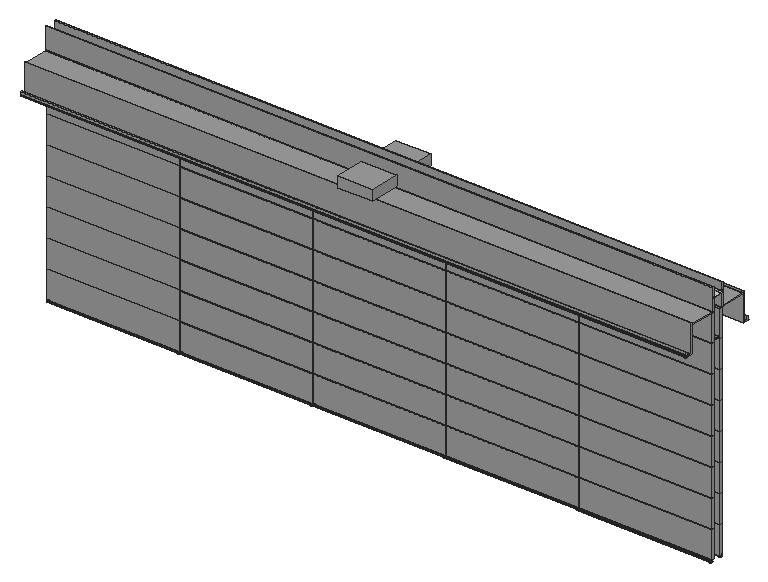
Revit family "Partition-8_Panels_High-Skyfold_Classic_Compact-14-1_to_16-1_FC_4295_to_4900", category Generic Models, host Ceiling, Revit 2026
Family settings
  Host = Ceiling
  Can host rebar = No
  Round Connector Dimension = Use Diameter
  Part Type = Normal
  Always vertical = Yes
  Cut with Voids When Loaded = No
  Maintain Annotation Orientation = No
  Shared = No
  Room Calculation Point = No
Parameters (values of type "16' - 1"")
  Visibility Of Unfold Single Panel [instance] = and(not(Fold), Number Of Panels < 2)  # no
  Visibility Of Fold Single Panel [instance] = and(Fold, Number Of Panels < 2)  # no
  Visibility Of Fold Panels [instance] = and(Fold, Number Of Panels > 1)  # no
  URL = "http://www.skyfold.com/"
  Total Panel Height = ([Panel Height"F"] * 8) + 0' 3 1/2"  # 17' - 11 1/2"
  Pocket Material [instance] = Default
  Panel Array [instance] = if(Number Of Panels < 3, 2, Number Of Panels)  # 5
  Panel 8 Material [instance] = Default
  Panel 7 Material [instance] = Default
  Panel 6 Material [instance] = Default
  Panel 5 Material [instance] = Default
  Panel 4 Material [instance] = Default
  Panel 3 Material [instance] = Default
  Panel 2 Material [instance] = Default
  Model = "Compact Drive System"
  Manufacturer = "Skyfold"
  Description = "Custom Powerlift Partitions"
  Default Elevation = 0' - 0"
  Center Pantograph Visibility [instance] = Number Of Panels > 2  # yes
  Visibility Of Single Pantograph [instance] = and(Number Of Panels = 2, Total Wall Length > 16' 0")  # no
  Total Wall Length [instance] = 54' - 0"
  Wall Thickness = 0' - 11 3/4"  # constant formula
  Unfold [instance] = and(not(Fold), Number Of Panels > 1)  # yes
  Pocket Width"E" = 5' - 2 3/4"
  Pocket Depth"D" = 2' - 1 1/2"
  Panel Length [instance] = (Total Wall Length - 0' 2" - (Number Of Panels - 1) * 0' 0 1/2") / Number Of Panels  # 10' - 8.8"
  Panel Height"F" = 2' - 2 1/2"
  Offset From Ceiling [instance] = 0' - 0"
  Center Pantographs [instance] = if(Number Of Panels < 3, 2, Number Of Panels - 1)  # 4
  Number Of Panels [instance] = (Total Wall Length / Max Panel Length) + 0.499  # 5
  Motor Positionning [instance] = if(or(Number Of Panels = 1, Total Wall Length < 16' 1", Number Of Panels = 3, Number Of Panels = 5, Number Of Panels = 7, Number Of Panels = 9, Number Of Panels = 11), (Total Wall Length / 2), (Total Wall Length / 2) - (Panel Length / 2))  # 27' - 0"
  Max Wall Length [instance] = 100' - 0"  # constant formula
  Max Panel Length [instance] = 12' - 0"  # constant formula
  Height  Between Panels [instance] = [Panel Height"F"] + 0' 0 1/2"  # 2' - 3"
  Fold [instance] = no
  Distance From Acoustic Barrier = 0' - 2"  # constant formula
  Distance Between Panels [instance] = Panel Length + 0' 0 1/2"  # 10' - 9.3"
  Finished Ceiling"A" = 16' - 1"
  Panel 1 Material [instance] = Default
  Top Of Acoustic Barrier [instance] = 20' - 0"
  Assembly Code = ""
  Beam Height"B" = 19' - 2 1/4"
  Acoustic Barrier"C" = 18' - 2 1/2"
Reference planes (in)
  plane 1 "Center (Front/Back)": y = 0
  plane 2 "Ceiling": z = 96
  plane 3 "Center (Left/Right)": x = 0
  plane 4: y = -31.375
  plane 5: y = 31.375
  plane 6: y = -5.875
  plane 7: y = 5.875
  plane 8 "BOAB": z = 119.46875
  plane 9: x = 648
  plane 10: x = 1
  plane 11: x = 130.3
  plane 12: z = 95.96875
  plane 13: z = 121.46875
  plane 14: z = -97.03125
  plane 15 "Beam height": z = 133.21875
  plane 16 "ouverture": y = -35.68131
  plane 17: x = 324
  plane 18: z = 95.96875
Lines and regions (in)
  Opening 1
    outline origin (0, 3.93322, 96) x (1, 0, 0) y (0, 1, 0)
      loop
        line (0, 32.69178) -> (0, -40.55822) -> (648, -40.55822) -> (648, 32.69178) -> (0, 32.69178)
Dimensions and locks (in)
  equal spacing: host sketch curve, plane 3 "Center (Left/Right)", host sketch curve
  equal spacing: host sketch curve, plane 1 "Center (Front/Back)", host sketch curve
  host sketch curve to host sketch curve = 10' - 0"  (x2)
  plane 2 "Ceiling" to level = 7' - 0"
  equal spacing: plane 4, plane 1 "Center (Front/Back)", plane 5
  "Pocket Width"E"": plane 4 to plane 5
  equal spacing: plane 6, plane 1 "Center (Front/Back)", plane 7
  "Wall Thickness": plane 6 to plane 7
  "Total Wall Length": plane 9 to plane 3 "Center (Left/Right)"
  locked: plane 10 to plane 3 "Center (Left/Right)" at 1
  "Distance Between Panels": plane 11 to plane 10
  locked: plane 2 "Ceiling" to plane 12 at 0.03125
  equal spacing: group 1, group 2, group 7, group 9, group 10  (x3)
  equal spacing: group 3, group 4, group 8, group 11, group 12  (x3)
  "Finished Ceiling"A"": plane 12 to plane 14
  "Beam Height"B"": plane 15 "Beam height" to plane 14
  locked: nested 8 to plane 3 "Center (Left/Right)" at 32
  locked: plane 9 to nested 9 at 32
  locked: nested 5 to nested 10 at 0.25
  equal spacing: group 5, group 6, group 13, group 14  (x3)
  "Distance Between Panels": nested 11 to nested 10
  locked: plane 11 to nested 12 at 0.25
  "Motor Positionning": plane 17 to plane 3 "Center (Left/Right)"
  locked: plane 13 to plane 8 "BOAB" at 2
  "Offset From Ceiling": plane 12 to plane 18
  "Pocket Depth"D"": plane 13 to plane 18
  aligned and locked: nested 1 to Opening 1 sketch curve
  aligned and locked: Opening 1 sketch curve to plane 9
  aligned and locked: plane 2 "Ceiling" to host ceiling
  aligned and locked: nested 2 to plane 1 "Center (Front/Back)"
  aligned and locked: nested 2 to plane 10
  aligned and locked: Opening 1 sketch curve to nested 1  (x2)
  aligned and locked: nested 1 to plane 3 "Center (Left/Right)"
  aligned and locked: nested 4 to plane 11
  aligned and locked: plane 11 to nested 5
  aligned and locked: plane 9 to nested 6
  aligned and locked: plane 3 "Center (Left/Right)" to nested 6
  aligned and locked: nested 13 to plane 1 "Center (Front/Back)"
  aligned and locked: plane 15 "Beam height" to nested 6
  aligned and locked: nested 1 to nested 6
  aligned and locked: plane 15 "Beam height" to nested 8
  aligned and locked: plane 15 "Beam height" to nested 12
  aligned and locked: plane 15 "Beam height" to nested 10
  aligned and locked: nested 11 to plane 15 "Beam height"
  aligned and locked: nested 9 to plane 15 "Beam height"
  aligned and locked: nested 14 to plane 1 "Center (Front/Back)"
  aligned and locked: nested 15 to nested 14
  aligned and locked: plane 10 to nested 15
  aligned and locked: nested 16 to nested 14
  aligned and locked: nested 16 to plane 10
  aligned and locked: plane 15 "Beam height" to nested 7
  aligned and locked: plane 17 to nested 7
  aligned and locked: nested 13 to plane 18
  aligned and locked: nested 15 to plane 18
  aligned and locked: nested 3 to plane 18
  aligned and locked: nested 5 to plane 18
  aligned and locked: plane 18 to nested 1
  aligned and locked: nested 14 to plane 8 "BOAB"
  aligned and locked: nested 16 to plane 8 "BOAB"
  aligned and locked: nested 2 to plane 8 "BOAB"
  aligned and locked: nested 4 to plane 8 "BOAB"
  aligned and locked: nested 25 to plane 12
  aligned and locked: plane 5 to nested 25
  aligned and locked: plane 7 to nested 26
  aligned and locked: nested 26 to plane 15 "Beam height"
  aligned and locked: nested 27 to plane 15 "Beam height"
  aligned and locked: plane 4 to nested 27
Nested families (in)
  nested 1: "Pocket" at (0, -10.75, 97.27344), Acoustic_Barrier"C" <- "Acoustic Barrier"C"", Total_Wall_Length <- "Total Wall Length", T.O. Acoustic_Barrier <- "Top Of Acoustic Barrier", Beam_Height <- "Beam Height"B"", Pocket Material <- "Pocket Material", type "Pocket"
    with Total_Wall_Length 54' - 0", T.O. Acoustic_Barrier 20' - 0", Pocket Material Default, Motor_Length 2' - 10", Motor_Height 0' - 11 1/2", Beam_Height 19' - 2 1/4", Acoustic_Barrier"C" 18' - 2 1/2", Pocket_Width"E" 5' - 2 3/4", Pocket_Depth"D" 2' - 1 1/2", Finished_Ceiling"A" 16' - 1"
  nested 2: "Groupe_5 panneaux" at (1, 0, -113.2326), panel_length <- "Panel Length", visible <- "Unfold", Total_Panel-Height <- "Total Panel Height", Panel 1 material <- "Panel 1 Material", Panel 2 material <- "Panel 2 Material", Panel 3 material <- "Panel 3 Material", Panel 4 material <- "Panel 4 Material", Panel 5 material <- "Panel 5 Material", Panel 6 material <- "Panel 6 Material", Panel 7 material <- "Panel 7 Material", Panel 8 material <- "Panel 8 Material", type "Groupe_5 panneaux"
    with panel_length 10' - 8.8", Total_Panel-Height 17' - 11 1/2", Panel 8 material Default, Panel 7 material Default, Panel 6 material Default, Panel 5 material Default, Panel 4 material Default, Panel 3 material Default, Panel 2 material Default, Panel 1 material Default
  nested 3: "Panneau_hor" at (1, 12.57079, 83.96875), panel_length <- "Panel Length", panel_height <- "Panel Height"F"", visible <- "Visibility Of Fold Panels", Panel_Material <- "Panel 8 Material", type "Panneau_hor"
    with panel_length 10' - 8.8", panel_height 2' - 2 1/2", Panel_Material Default
  nested 4: "Groupe_5 panneaux" at (130.3, 0, -113.2326), panel_length <- "Panel Length", visible <- "Unfold", Total_Panel-Height <- "Total Panel Height", Panel 1 material <- "Panel 1 Material", Panel 2 material <- "Panel 2 Material", Panel 3 material <- "Panel 3 Material", Panel 4 material <- "Panel 4 Material", Panel 5 material <- "Panel 5 Material", Panel 6 material <- "Panel 6 Material", Panel 7 material <- "Panel 7 Material", Panel 8 material <- "Panel 8 Material", type "Groupe_5 panneaux"
    with panel_length 10' - 8.8", Total_Panel-Height 17' - 11 1/2", Panel 8 material Default, Panel 7 material Default, Panel 6 material Default, Panel 5 material Default, Panel 4 material Default, Panel 3 material Default, Panel 2 material Default, Panel 1 material Default
  nested 5: "Panneau_hor" at (130.3, 12.57079, 83.96875), panel_length <- "Panel Length", panel_height <- "Panel Height"F"", visible <- "Visibility Of Fold Panels", Panel_Material <- "Panel 8 Material", type "Panneau_hor"
    with panel_length 10' - 8.8", panel_height 2' - 2 1/2", Panel_Material Default
  nested 6: "Beam" at (0, -10.75, 114.52344), type "Pocket"
    with Total_Wall_Length 54' - 0"
  nested 7: "Motor" at (307, -23, 123.21875), type "Compact"
  nested 8: "Pantograph" at (54.25, -4, 120.9375) x (0, 1, 0) z (0, 0, 1), type "Pantograph"
  nested 9: "Pantograph" at (638.25, -4, 120.9375) x (0, 1, 0) z (0, 0, 1), type "Pantograph"
  nested 10: "Pantograph" at (152.3, -4, 120.9375) x (0, 1, 0) z (0, 0, 1), visible <- "Center Pantograph Visibility", type "Pantograph"
  nested 11: "Pantograph" at (281.6, -4, 120.9375) x (0, 1, 0) z (0, 0, 1), visible <- "Center Pantograph Visibility", type "Pantograph"
  nested 12: "Pantograph" at (152.3, -4, 120.9375) x (0, 1, 0) z (0, 0, 1), visible <- "Visibility Of Single Pantograph", type "Pantograph"
  nested 13: "2D Fold Panels" at (1, 2.48811, 95.96875) x (0, 1, 0) z (1, 0, 0), visible <- "Fold", Panel_Height <- "Panel Height"F"", type "Complete Panels"
    with Panel_Height 2' - 2 1/2"
  nested 14: "2D Unfold Panels" at (1, 1.62123, 28.59375) x (0, 1, 0) z (1, 0, 0), visible <- "Unfold", type "Unfold panels"
  nested 15: "Panneau_hor" at (1, 12.57079, 83.96875), panel_length <- "Panel Length", panel_height <- "Panel Height"F"", Panel_Material <- "Panel 1 Material", visible <- "Visibility Of Fold Single Panel", type "Panneau_hor"
    with panel_length 10' - 8.8", panel_height 2' - 2 1/2", Panel_Material Default
  nested 16: "Groupe_5 panneaux" at (1, 0, -113.2326), panel_length <- "Panel Length", visible <- "Visibility Of Unfold Single Panel", Total_Panel-Height <- "Total Panel Height", type "Groupe_5 panneaux"
    with panel_length 10' - 8.8", Total_Panel-Height 17' - 11 1/2", Panel 8 material none, Panel 7 material none, Panel 6 material none, Panel 5 material none, Panel 4 material none, Panel 3 material none, Panel 2 material none, Panel 1 material none
  nested 17: "Groupe_5 panneaux" at (259.6, 0, -113.2326), panel_length <- "Panel Length", visible <- "Unfold", Total_Panel-Height <- "Total Panel Height", Panel 1 material <- "Panel 1 Material", Panel 2 material <- "Panel 2 Material", Panel 3 material <- "Panel 3 Material", Panel 4 material <- "Panel 4 Material", Panel 5 material <- "Panel 5 Material", Panel 6 material <- "Panel 6 Material", Panel 7 material <- "Panel 7 Material", Panel 8 material <- "Panel 8 Material", type "Groupe_5 panneaux"
    with panel_length 10' - 8.8", Total_Panel-Height 17' - 11 1/2", Panel 8 material Default, Panel 7 material Default, Panel 6 material Default, Panel 5 material Default, Panel 4 material Default, Panel 3 material Default, Panel 2 material Default, Panel 1 material Default
  nested 18: "Panneau_hor" at (259.6, 12.57079, 83.96875), panel_length <- "Panel Length", panel_height <- "Panel Height"F"", visible <- "Visibility Of Fold Panels", Panel_Material <- "Panel 8 Material", type "Panneau_hor"
    with panel_length 10' - 8.8", panel_height 2' - 2 1/2", Panel_Material Default
  nested 19: "Groupe_5 panneaux" at (388.9, 0, -113.2326), panel_length <- "Panel Length", visible <- "Unfold", Total_Panel-Height <- "Total Panel Height", Panel 1 material <- "Panel 1 Material", Panel 2 material <- "Panel 2 Material", Panel 3 material <- "Panel 3 Material", Panel 4 material <- "Panel 4 Material", Panel 5 material <- "Panel 5 Material", Panel 6 material <- "Panel 6 Material", Panel 7 material <- "Panel 7 Material", Panel 8 material <- "Panel 8 Material", type "Groupe_5 panneaux"
    with panel_length 10' - 8.8", Total_Panel-Height 17' - 11 1/2", Panel 8 material Default, Panel 7 material Default, Panel 6 material Default, Panel 5 material Default, Panel 4 material Default, Panel 3 material Default, Panel 2 material Default, Panel 1 material Default
  nested 20: "Groupe_5 panneaux" at (518.2, 0, -113.2326), panel_length <- "Panel Length", visible <- "Unfold", Total_Panel-Height <- "Total Panel Height", Panel 1 material <- "Panel 1 Material", Panel 2 material <- "Panel 2 Material", Panel 3 material <- "Panel 3 Material", Panel 4 material <- "Panel 4 Material", Panel 5 material <- "Panel 5 Material", Panel 6 material <- "Panel 6 Material", Panel 7 material <- "Panel 7 Material", Panel 8 material <- "Panel 8 Material", type "Groupe_5 panneaux"
    with panel_length 10' - 8.8", Total_Panel-Height 17' - 11 1/2", Panel 8 material Default, Panel 7 material Default, Panel 6 material Default, Panel 5 material Default, Panel 4 material Default, Panel 3 material Default, Panel 2 material Default, Panel 1 material Default
  nested 21: "Panneau_hor" at (388.9, 12.57079, 83.96875), panel_length <- "Panel Length", panel_height <- "Panel Height"F"", visible <- "Visibility Of Fold Panels", Panel_Material <- "Panel 8 Material", type "Panneau_hor"
    with panel_length 10' - 8.8", panel_height 2' - 2 1/2", Panel_Material Default
  nested 22: "Panneau_hor" at (518.2, 12.57079, 83.96875), panel_length <- "Panel Length", panel_height <- "Panel Height"F"", visible <- "Visibility Of Fold Panels", Panel_Material <- "Panel 8 Material", type "Panneau_hor"
    with panel_length 10' - 8.8", panel_height 2' - 2 1/2", Panel_Material Default
  nested 23: "Pantograph" at (410.9, -4, 120.9375) x (0, 1, 0) z (0, 0, 1), visible <- "Center Pantograph Visibility", type "Pantograph"
  nested 24: "Pantograph" at (540.2, -4, 120.9375) x (0, 1, 0) z (0, 0, 1), visible <- "Center Pantograph Visibility", type "Pantograph"
  nested 25: "Suspended Ceiling Component" at (648, 31.375, 95.96875) x (0, 1, 0) z (1, 0, 0), type "Suspended Ceiling Component"
  nested 26: "construction as per ASTM E557 Component" at (648, 5.875, 133.21875) x (0, 1, 0) z (1, 0, 0), type "construction as per ASTM E557 Component"
  nested 27: "Disclaimer Component" at (648, -31.375, 133.21875) x (0, 1, 0) z (1, 0, 0), type "Disclaimer Component"
Definition of nested family "Pocket"
  Parameters
    Total_Wall_Length [instance] = 35' - 0"
    T.O. Acoustic_Barrier [instance] = 16' - 0"
    Pocket_Width"E" = 4' - 5 1/4"
    Pocket_Depth"D" = 2' - 0 1/2"
    Pocket Material [instance] = none
    Motor_Length [instance] = 2' - 6 29/128"
    Motor_Height [instance] = 1' - 3"
    Finished_Ceiling"A" = 13' - 6"
    Default Elevation = 0' - 0"
    Assembly Code = ""
    Beam_Height [instance] = 10' - 0"
    Acoustic_Barrier"C" [instance] = 1' - 7 5/8"
  Reference planes (in)
    plane 1 "Center (Front/Back)": y = 10.75
    plane 2: z = 23.19531
    plane 3 "Center (Left/Right)": x = 0
    plane 4: z = -1.30469
    plane 5: y = -15.875
    plane 6: y = 37.375
    plane 7: y = -21.125
    plane 8: y = 42.625
    plane 9: z = 2.32031
    plane 10: y = 4.75
    plane 11: y = 16.75
    plane 12: x = 420
    plane 13: z = -13.30469
    plane 14: z = 71.18777
    plane 15: z = 28.69531
    plane 16: z = -163.30469
    plane 17: x = 12.89513
    plane 18: x = 203.52734
    plane 19: z = -43.30469
  Forms (in)
    Extrusion 1, solid, material <- "Pocket Material"
      sketch origin (0, 0, 0) x (0, 1, 0) y (0, 0, 1)
        loop
          line (-21.125, 2.32031) -> (-21.125, -1.30469) -> (-15.875, -1.30469) -> (-15.875, 25.19531) -> (-16.5, 25.19531) -> (-16.5, -0.67969) -> (-20.5, -0.67969) -> (-20.5, 2.32031) -> (-21.125, 2.32031)
        loop
          line (-15.65625, 23.19531) -> (4.53125, 23.19531) -> (4.53125, 23.82031) -> (-15.65625, 23.82031) -> (-15.65625, 23.19531)
      from 0 to 420
    Extrusion 2, solid, material <- "Pocket Material"
      sketch origin (0, 0, 0) x (0, 1, 0) y (0, 0, 1)
        loop
          line (9.75, -1.30469) -> (11.75, -1.30469) -> (11.75, -1.05469) -> (10.875, -1.05469) -> (10.875, 0.69531) -> (10.625, 0.69531) -> (10.625, -1.05469) -> (9.75, -1.05469) -> (9.75, -1.30469)
      from 0 to 420
    Extrusion 3, solid, material <- "Pocket Material"
      sketch origin (0, 0, 0) x (0, 1, 0) y (0, 0, 1)
        loop
          line (4.75, 23.19531) -> (5.75, 23.19531) -> (5.75, 28.69531) -> (4.75, 28.69531) -> (4.75, 23.19531)
      from 0 to 420
    Extrusion 4, solid, material <- "Pocket Material"
      sketch origin (0, 21.5, 0) x (0, -1, 0) y (0, 0, -1)
        loop
          line (4.75, -23.19531) -> (4.75, -28.69531) -> (5.75, -28.69531) -> (5.75, -23.19531) -> (4.75, -23.19531)
      from 0 to 420
    Extrusion 5, solid, material <- "Pocket Material"
      sketch origin (420, 0, 0) x (0, 1, 0) y (0, 0, 1)
        loop
          line (-15.875, 23.89844) -> (-15.875, 23.10156) -> (-15.125, 23.10156) -> (-15.125, 23.19531) -> (-15.78125, 23.19531) -> (-15.78125, 23.89844) -> (-15.875, 23.89844)
      from -420 to 0
    Extrusion 6, solid, material <- "Pocket Material"
      sketch origin (420, -21.98359, 0) x (0, -1, 0) y (0, 0, -1)
        loop
          line (-26.73359, -23.89844) -> (-26.63984, -23.89844) -> (-26.63984, -23.19531) -> (-25.98359, -23.19531) -> (-25.98359, -23.10156) -> (-26.73359, -23.10156) -> (-26.73359, -23.89844)
      from -420 to 0
    Extrusion 7, solid, material <- "Pocket Material"
      sketch origin (420, -57.55768, -19.35805) x (0, -1, 0) y (0, 0, -1)
        loop
          line (-36.43268, -18.75649) -> (-36.33893, -18.75649) -> (-36.33893, -18.05336) -> (-35.68268, -18.05336) -> (-35.68268, -17.95961) -> (-36.43268, -17.95961) -> (-36.43268, -18.75649)
      from -420 to 0
    Extrusion 8, solid, material <- "Pocket Material"
      sketch origin (0, 21.5, 0) x (0, -1, 0) y (0, 0, -1)
        loop
          line (-21.125, -2.32031) -> (-20.5, -2.32031) -> (-20.5, 0.67969) -> (-16.5, 0.67969) -> (-16.5, -25.19531) -> (-15.875, -25.19531) -> (-15.875, 1.30469) -> (-21.125, 1.30469) -> (-21.125, -2.32031)
        loop
          line (-15.65625, -23.19531) -> (-15.65625, -23.82031) -> (4.53125, -23.82031) -> (4.53125, -23.19531) -> (-15.65625, -23.19531)
      from 0 to 420
    Extrusion 9, solid, material <- "Pocket Material"
      sketch origin (420, 21.5, 0) x (0, -1, 0) y (0, 0, -1)
        loop
          line (-15.875, -23.89844) -> (-15.78125, -23.89844) -> (-15.78125, -23.19531) -> (-15.125, -23.19531) -> (-15.125, -23.10156) -> (-15.875, -23.10156) -> (-15.875, -23.89844)
      from -420 to 0
    Extrusion 10, solid, material <- "Pocket Material"
      sketch origin (420, 43.48359, 0) x (0, 1, 0) y (0, 0, 1)
        loop
          line (-26.73359, 23.89844) -> (-26.73359, 23.10156) -> (-25.98359, 23.10156) -> (-25.98359, 23.19531) -> (-26.63984, 23.19531) -> (-26.63984, 23.89844) -> (-26.73359, 23.89844)
      from -420 to 0
    Extrusion 11, solid, material <- "Pocket Material"
      sketch origin (420, 79.05768, -19.35805) x (0, 1, 0) y (0, 0, 1)
        loop
          line (-36.43268, 18.75649) -> (-36.43268, 17.95961) -> (-35.68268, 17.95961) -> (-35.68268, 18.05336) -> (-36.33893, 18.05336) -> (-36.33893, 18.75649) -> (-36.43268, 18.75649)
      from -420 to 0
  Lines and regions (in)
    symbolic lines
      curve 1: line (420, -20.5, -0.67969) -> (420, -16.5, -0.67969)
      curve 2: line (420, -20.5, 28.69531) -> (420, -20.5, -0.67969)
      curve 3: line (420, -16.5, 28.69531) -> (420, -20.5, 28.69531)
      curve 4: line (420, -16.5, -0.67969) -> (420, -16.5, 28.69531)
      curve 5: line (420, 42, -0.67969) -> (420, 38, -0.67969)
      curve 6: line (420, 42, 28.69531) -> (420, 42, -0.67969)
      curve 7: line (420, 38, 28.69531) -> (420, 42, 28.69531)
      curve 8: line (420, 38, -0.67969) -> (420, 38, 28.69531)
      curve 9: line (0, 5.25, 28.69531) -> (0, 5.25, 23.19531)
      curve 10: line (0, 16.25, 28.69531) -> (0, 16.25, 23.19531)
  Dimensions and locks (in)
    locked: plane 7 to plane 5 at 5.25
    locked: plane 9 to plane 4 at 3.625
    locked: plane 6 to plane 8 at 5.25
    plane 10 to plane 1 "Center (Front/Back)" = 0' - 6"
    plane 10 to plane 11 = 1' - 0"
    "Pocket_Width"E"": plane 5 to plane 6
    equal spacing: plane 5, plane 1 "Center (Front/Back)", plane 6
    "Finished_Ceiling"A"": plane 4 to level
    locked: plane 7 to Extrusion 1 sketch curve at 0.625
    locked: Extrusion 1 sketch curve to plane 4 at 0.625
    locked: Extrusion 1 sketch curve to Extrusion 1 sketch curve at 0.625
    Extrusion 1 sketch curve to Extrusion 1 sketch curve = 0' - 0 5/8"
    "Total_Wall_Length": plane 12 to plane 3 "Center (Left/Right)"
    equal spacing: Extrusion 2 sketch curve, plane 1 "Center (Front/Back)", Extrusion 2 sketch curve  (x2)
    locked: Extrusion 2 sketch curve to plane 4 at 2
    locked: Extrusion 2 sketch curve to plane 4 at 0.25
    locked: Extrusion 2 sketch curve to plane 1 "Center (Front/Back)" at 0.125
    locked: Extrusion 1 sketch curve to Extrusion 1 sketch curve at 0.21875
    Extrusion 1 sketch curve to plane 2 = 0' - 2"
    locked: plane 10 to Extrusion 3 sketch curve at 1
    "Pocket_Depth"D"": plane 2 to plane 4
    locked: plane 13 to plane 16 at 150
    "T.O. Acoustic_Barrier": plane 15 to plane 16
    locked: plane 18 to plane 3 "Center (Left/Right)" at 203.52734
    "Beam_Height": plane 19 to plane 16
    plane 4 to plane 16 = 13' - 6"
    Extrusion 1 to Extrusion 1 to plane 5 = 0' - 0 5/8", 0' - 0"
    locked: Extrusion 1 sketch curve to Extrusion 1 sketch curve at 1.375
    locked: Extrusion 1 sketch curve to plane 10 at 0.21875
    locked: Extrusion 5 sketch curve to Extrusion 5 sketch curve at 0.09375  (x2)
    locked: Extrusion 5 sketch curve to Extrusion 5 sketch curve at 0.79688
    locked: Extrusion 5 sketch curve to Extrusion 5 sketch curve at 0.75
    locked: Extrusion 6 sketch curve to Extrusion 6 sketch curve at 0.09375  (x2)
    locked: Extrusion 6 sketch curve to Extrusion 6 sketch curve at 0.79688
    locked: Extrusion 6 sketch curve to Extrusion 6 sketch curve at 0.75
    locked: Extrusion 7 sketch curve to Extrusion 7 sketch curve at 0.09375  (x2)
    locked: Extrusion 7 sketch curve to Extrusion 7 sketch curve at 0.79688
    locked: Extrusion 7 sketch curve to Extrusion 7 sketch curve at 0.75
    locked: Extrusion 8 sketch curve to Extrusion 8 sketch curve at 0.625
    Extrusion 8 sketch curve to Extrusion 8 sketch curve = 0' - 0 5/8"
    locked: Extrusion 8 sketch curve to Extrusion 8 sketch curve at 0.21875
    Extrusion 8 sketch curve to Extrusion 8 sketch curve = 0' - 1 3/8"
    locked: Extrusion 9 sketch curve to Extrusion 9 sketch curve at 0.09375  (x2)
    locked: Extrusion 9 sketch curve to Extrusion 9 sketch curve at 0.79688
    locked: Extrusion 9 sketch curve to Extrusion 9 sketch curve at 0.75
    locked: Extrusion 10 sketch curve to Extrusion 10 sketch curve at 0.09375  (x2)
    locked: Extrusion 10 sketch curve to Extrusion 10 sketch curve at 0.79688
    locked: Extrusion 10 sketch curve to Extrusion 10 sketch curve at 0.75
    locked: Extrusion 11 sketch curve to Extrusion 11 sketch curve at 0.09375  (x2)
    locked: Extrusion 11 sketch curve to Extrusion 11 sketch curve at 0.79688
    locked: Extrusion 11 sketch curve to Extrusion 11 sketch curve at 0.75
    aligned and locked: plane 12 to Extrusion 1
    aligned and locked: Extrusion 2 sketch curve to Extrusion 2 sketch curve
    aligned and locked: Extrusion 2 to plane 3 "Center (Left/Right)"
    aligned and locked: plane 12 to Extrusion 2
    aligned and locked: Extrusion 3 sketch curve to plane 2
    aligned and locked: Extrusion 3 sketch curve to plane 10
    aligned and locked: plane 15 to Extrusion 4
    aligned and locked: plane 15 to Extrusion 3
    aligned and locked: plane 12 to Extrusion 3
    aligned and locked: plane 12 to Extrusion 4
    aligned and locked: plane 16 to level
    aligned and locked: curve 1 to Extrusion 1  (x2)
    aligned and locked: curve 4 to Extrusion 1
    aligned and locked: curve 7 to plane 15
    aligned and locked: plane 5 to Extrusion 5
    aligned and locked: plane 2 to Extrusion 5
    aligned and locked: plane 10 to Extrusion 6
    aligned and locked: plane 2 to Extrusion 6
    aligned and locked: plane 7 to Extrusion 7
    aligned and locked: plane 4 to Extrusion 7
    aligned and locked: plane 6 to Extrusion 9
    aligned and locked: plane 4 to Extrusion 11
    aligned and locked: Extrusion 11 to plane 8
    aligned and locked: plane 12 to Extrusion 5
    aligned and locked: plane 12 to Extrusion 6
    aligned and locked: Extrusion 10 to plane 3 "Center (Left/Right)"
    aligned and locked: Extrusion 6 to plane 3 "Center (Left/Right)"
    aligned and locked: Extrusion 5 to plane 3 "Center (Left/Right)"
    aligned and locked: plane 12 to Extrusion 10
    aligned and locked: plane 12 to Extrusion 9
    aligned and locked: Extrusion 9 to plane 3 "Center (Left/Right)"
    aligned and locked: plane 12 to Extrusion 7
    aligned and locked: plane 12 to Extrusion 11
    aligned and locked: Extrusion 7 to plane 3 "Center (Left/Right)"
    aligned and locked: Extrusion 11 to plane 3 "Center (Left/Right)"
    aligned and locked: Extrusion 8 to curve 8
    aligned and locked: curve 6 to Extrusion 8
    aligned and locked: curve 5 to Extrusion 8
    aligned and locked: plane 12 to Extrusion 8
    aligned and locked: Extrusion 1 to plane 3 "Center (Left/Right)"
    aligned and locked: Extrusion 8 to plane 3 "Center (Left/Right)"
    aligned and locked: Extrusion 8 to Extrusion 1
  Automatic sketch dimensions
    curve 9 to plane 2 = 0' - 0"
    curve 9 to plane 15 = 0' - 0"
    curve 10 to plane 2 = 0' - 0"
    curve 10 to plane 15 = 0' - 0"
    plane 10 to curve 9 = 0' - 0 1/2"
    curve 10 to plane 11 = 0' - 0 1/2"
    Extrusion 1 sketch curve to plane 4 = 0' - 0"
    Extrusion 1 sketch curve to plane 7 = 0' - 0"
    Extrusion 1 sketch curve to plane 5 = 0' - 0"
    Extrusion 1 sketch curve to plane 9 = 0' - 0"
    Extrusion 2 sketch curve to plane 4 = 0' - 0"
    Extrusion 2 sketch curve to Extrusion 2 sketch curve = 0' - 0 7/8"
    Extrusion 3 sketch curve to plane 15 = 0' - 0"
    Extrusion 4 sketch curve to plane 11 = 0' - 0"
    Extrusion 4 sketch curve to plane 15 = 0' - 0"
    Extrusion 4 sketch curve to plane 2 = 0' - 0"
    plane 11 to Extrusion 4 sketch curve = 0' - 1"
    curve 3 to Extrusion 3 = 0' - 0"
    Extrusion 5 sketch curve to Extrusion 3 = 0' - 0"
    Extrusion 3 to Extrusion 5 sketch curve = 1' - 8 5/8"
    Extrusion 6 sketch curve to Extrusion 3 = 0' - 0"  (x2)
    Extrusion 3 to Extrusion 7 sketch curve = 2' - 1 7/8"
    Extrusion 3 to Extrusion 7 sketch curve = 1' - 11 51/64"
    Extrusion 8 sketch curve to plane 4 = 0' - 0"
    Extrusion 8 sketch curve to plane 8 = 0' - 0"
    Extrusion 8 sketch curve to plane 9 = 0' - 0"
    Extrusion 8 sketch curve to plane 6 = 0' - 0"
    Extrusion 8 sketch curve to plane 2 = 0' - 0"
    plane 8 to Extrusion 8 sketch curve = 0' - 0 5/8"
    Extrusion 8 sketch curve to plane 11 = 0' - 0 7/32"
    Extrusion 8 sketch curve to plane 4 = 0' - 0 5/8"
    Extrusion 3 to Extrusion 9 sketch curve = 0' - 0"
    Extrusion 3 to Extrusion 9 sketch curve = 2' - 7 5/8"
    Extrusion 3 to Extrusion 10 sketch curve = 0' - 0"
    Extrusion 3 to Extrusion 10 sketch curve = 0' - 11"
    Extrusion 3 to Extrusion 11 sketch curve = 3' - 0 7/8"
    Extrusion 3 to Extrusion 11 sketch curve = 2' - 0 19/32"
Definition of nested family "Groupe_5 panneaux"
  Parameters
    panel_length [instance] = 3' - 0"
    panel_height = 2' - 2 1/2"
    folded_width = 0' - 11 3/4"
    Total_Panel-Height [instance] = 9' - 2 3/4"
    Panel 8 material [instance] = none
    Panel 7 material [instance] = none
    Panel 6 material [instance] = none
    Panel 5 material [instance] = none
    Panel 4 material [instance] = none
    Panel 3 material [instance] = none
    Panel 2 material [instance] = none
    Panel 1 material [instance] = none
    Height_distance_bet_panels = panel_height + 0' 0 1/2"  # 2' - 3"
    Default Elevation = 0' - 0"
    Assembly Code = ""
  Reference planes (in)
    plane 1 "Center (Front/Back)": y = 0
    plane 2: z = 0
    plane 3 "Center (Left/Right)": x = 0
    plane 4: y = 5.875
    plane 5: z = 233.82635
    plane 6: y = -5.875
    plane 7: z = 206.82635
    plane 8: x = 36
    plane 9: z = 123.07635
    plane 10: z = 179.82635
    plane 11: z = 152.82635
    plane 12: z = 125.82635
    plane 13: z = 98.82635
    plane 14: z = 71.82635
    plane 15: z = 44.82635
  Forms (in)
    Extrusion 1, solid
      sketch origin (0, 1.79895, 58.50004) x (0, 1, 0) y (0, 0, 1)
        loop
          line (-6.80477, 62.89621) -> (-7.05382, 64.32631) -> (-6.92395, 64.32631) -> (-6.92395, 64.57633) -> (-7.67395, 64.57633) -> (-7.67395, 64.32631) -> (-7.41508, 64.32631) -> (-7.66413, 62.89621)
          arc (-7.66413, 62.89621) -> (-7.23445, 62.46653) -> (-6.80477, 62.89621) r 0.42968
      from 0 to 36
    Extrusion 2, solid
      sketch origin (0, -1.79895, 58.50004) x (0, -1, 0) y (0, 0, -1)
        loop
          arc (-6.80477, -62.89621) -> (-7.23445, -62.46653) -> (-7.66413, -62.89621) r 0.42968
          line (-7.66413, -62.89621) -> (-7.41508, -64.32631) -> (-7.67395, -64.32631) -> (-7.67395, -64.57633) -> (-6.92395, -64.57633) -> (-6.92395, -64.32631) -> (-7.05382, -64.32631) -> (-6.80477, -62.89621)
      from 0 to 36
  Dimensions and locks (in)
    equal spacing: plane 6, plane 1 "Center (Front/Back)", plane 4
    "folded_width": plane 6 to plane 4
    "panel_length": plane 8 to plane 3 "Center (Left/Right)"
    "Total_Panel-Height": plane 5 to plane 9
    equal spacing: plane 5, plane 7, plane 10, plane 11, plane 12, plane 13, plane 14, plane 15
    "Height_distance_bet_panels": plane 5 to plane 7
    aligned: plane 4 to nested 1
    aligned: plane 6 to nested 2
    aligned and locked: plane 3 "Center (Left/Right)" to nested 1
    aligned: nested 2 to plane 5  (x2)
    aligned: nested 4 to plane 7
    aligned and locked: plane 8 to Extrusion 1
    aligned and locked: Extrusion 1 to plane 3 "Center (Left/Right)"
    aligned and locked: Extrusion 1 to plane 6
    aligned and locked: Extrusion 2 to plane 3 "Center (Left/Right)"
    aligned and locked: plane 8 to Extrusion 2
    aligned: plane 5 to nested 1
    aligned and locked: nested 4 to plane 7
    aligned and locked: plane 7 to nested 3
    aligned and locked: nested 6 to plane 10
    aligned and locked: plane 10 to nested 5
    aligned and locked: nested 8 to plane 11
    aligned and locked: plane 11 to nested 7
    aligned and locked: nested 10 to plane 12
    aligned and locked: plane 12 to nested 9
    aligned and locked: nested 12 to plane 13
    aligned and locked: plane 13 to nested 11
    aligned and locked: nested 14 to plane 14
    aligned and locked: plane 14 to nested 13
    aligned and locked: nested 16 to plane 15
    aligned and locked: plane 15 to nested 15
    aligned and locked: nested 2 to plane 5
    aligned and locked: plane 5 to nested 1
    aligned and locked: plane 4 to nested 1
    aligned and locked: plane 6 to nested 2
    aligned and locked: plane 4 to nested 3
    aligned and locked: plane 6 to nested 4
    aligned and locked: plane 4 to nested 5
    aligned and locked: plane 6 to nested 6
    aligned and locked: plane 4 to nested 7
    aligned and locked: plane 6 to nested 8
    aligned and locked: plane 4 to nested 9
    aligned and locked: plane 6 to nested 10
    aligned and locked: plane 4 to nested 11
    aligned and locked: nested 12 to plane 6
    aligned and locked: plane 4 to nested 13
    aligned and locked: nested 14 to plane 6
    aligned and locked: plane 4 to nested 15
    aligned and locked: nested 16 to plane 6
  Automatic sketch dimensions
    Extrusion 1 sketch curve to plane 6 = 0' - 0"
    plane 6 to Extrusion 1 sketch curve = 0' - 0.00982"
    Extrusion 1 sketch curve to Extrusion 1 sketch curve = 0' - 0.25887"
    Extrusion 1 sketch curve to Extrusion 1 sketch curve = 0' - 0 55/128"
    Extrusion 1 sketch curve to plane 9 = 0' - 0 1/4"  (x2)
    Extrusion 1 sketch curve to Extrusion 1 sketch curve = 0' - 0.36126"
    plane 9 to Extrusion 1 sketch curve = 0' - 0"
    Extrusion 1 sketch curve to Extrusion 1 sketch curve = 0' - 0.12987"
    Extrusion 1 sketch curve to Extrusion 1 sketch curve = 0' - 1.4301"
    Extrusion 2 sketch curve to plane 4 = 0' - 0"
    plane 4 to Extrusion 2 sketch curve = 0' - 0.00982"
    Extrusion 2 sketch curve to Extrusion 2 sketch curve = 0' - 0.25887"
    Extrusion 2 sketch curve to Extrusion 2 sketch curve = 0' - 0 55/128"
    plane 9 to Extrusion 2 sketch curve = 0' - 0 1/4"  (x2)
    Extrusion 2 sketch curve to Extrusion 2 sketch curve = 0' - 0.36126"
    Extrusion 2 sketch curve to plane 9 = 0' - 0"
    Extrusion 2 sketch curve to Extrusion 2 sketch curve = 0' - 0.12987"
    Extrusion 2 sketch curve to Extrusion 2 sketch curve = 0' - 1.4301"
  Nested families (in)
    nested 1: "Top Panel" at (0, 3.625, 207.32635), panel_height <- "panel_height", panel_length <- "panel_length", Panel_Material <- "Panel 1 material", type "Top Panel"
      with panel_length 3' - 0", panel_height 2' - 2 1/2", Panel_Material none
    nested 2: "Top Panel" at (0, -3.625, 207.32635), panel_height <- "panel_height", panel_length <- "panel_length", Panel_Material <- "Panel 1 material", type "Top Panel"
      with panel_length 3' - 0", panel_height 2' - 2 1/2", Panel_Material none
    nested 3: "Panneau_top" at (0, 3.625, 180.32635), panel_height <- "panel_height", panel_length <- "panel_length", Panel_Material <- "Panel 1 material", type "Panneau_top"
      with panel_length 3' - 0", panel_height 2' - 2 1/2", Panel_Material none
    nested 4: "Panneau_top" at (0, -3.625, 180.32635), panel_height <- "panel_height", panel_length <- "panel_length", Panel_Material <- "Panel 1 material", type "Panneau_top"
      with panel_length 3' - 0", panel_height 2' - 2 1/2", Panel_Material none
    nested 5: "Panneau_top" at (0, 3.625, 153.32635), panel_height <- "panel_height", panel_length <- "panel_length", Panel_Material <- "Panel 1 material", type "Panneau_top"
      with panel_length 3' - 0", panel_height 2' - 2 1/2", Panel_Material none
    nested 6: "Panneau_top" at (0, -3.625, 153.32635), panel_height <- "panel_height", panel_length <- "panel_length", Panel_Material <- "Panel 1 material", type "Panneau_top"
      with panel_length 3' - 0", panel_height 2' - 2 1/2", Panel_Material none
    nested 7: "Panneau_top" at (0, 3.625, 126.32635), panel_height <- "panel_height", panel_length <- "panel_length", Panel_Material <- "Panel 1 material", type "Panneau_top"
      with panel_length 3' - 0", panel_height 2' - 2 1/2", Panel_Material none
    nested 8: "Panneau_top" at (0, -3.625, 126.32635), panel_height <- "panel_height", panel_length <- "panel_length", Panel_Material <- "Panel 1 material", type "Panneau_top"
      with panel_length 3' - 0", panel_height 2' - 2 1/2", Panel_Material none
    nested 9: "Panneau_top" at (0, 3.625, 99.32635), panel_height <- "panel_height", panel_length <- "panel_length", Panel_Material <- "Panel 1 material", type "Panneau_top"
      with panel_length 3' - 0", panel_height 2' - 2 1/2", Panel_Material none
    nested 10: "Panneau_top" at (0, -3.625, 99.32635), panel_height <- "panel_height", panel_length <- "panel_length", Panel_Material <- "Panel 1 material", type "Panneau_top"
      with panel_length 3' - 0", panel_height 2' - 2 1/2", Panel_Material none
    nested 11: "Panneau_top" at (0, 3.625, 72.32635), panel_height <- "panel_height", panel_length <- "panel_length", Panel_Material <- "Panel 1 material", type "Panneau_top"
      with panel_length 3' - 0", panel_height 2' - 2 1/2", Panel_Material none
    nested 12: "Panneau_top" at (0, -3.625, 72.32635), panel_height <- "panel_height", panel_length <- "panel_length", Panel_Material <- "Panel 1 material", type "Panneau_top"
      with panel_length 3' - 0", panel_height 2' - 2 1/2", Panel_Material none
    nested 13: "Panneau_top" at (0, 3.625, 45.32635), panel_height <- "panel_height", panel_length <- "panel_length", Panel_Material <- "Panel 1 material", type "Panneau_top"
      with panel_length 3' - 0", panel_height 2' - 2 1/2", Panel_Material none
    nested 14: "Panneau_top" at (0, -3.625, 45.32635), panel_height <- "panel_height", panel_length <- "panel_length", Panel_Material <- "Panel 1 material", type "Panneau_top"
      with panel_length 3' - 0", panel_height 2' - 2 1/2", Panel_Material none
    nested 15: "Panneau_top" at (0, 3.625, 18.32635), panel_height <- "panel_height", panel_length <- "panel_length", Panel_Material <- "Panel 1 material", type "Panneau_top"
      with panel_length 3' - 0", panel_height 2' - 2 1/2", Panel_Material none
    nested 16: "Panneau_top" at (0, -3.625, 18.32635), panel_height <- "panel_height", panel_length <- "panel_length", Panel_Material <- "Panel 1 material", type "Panneau_top"
      with panel_length 3' - 0", panel_height 2' - 2 1/2", Panel_Material none
  Definition of nested family "Top Panel"
    Parameters
      panel_length [instance] = 4' - 0"
      panel_height [instance] = 4' - 0"
      Panel_Material [instance] = none
      Default Elevation = 0' - 0"
      Assembly Code = ""
    Reference planes (in)
      plane 1 "Center (Front/Back)": y = 0
      plane 2: z = 0
      plane 3 "Center (Left/Right)": x = 0
      plane 4: z = 48
      plane 5: x = 48
      plane 6: z = 46.875
    Forms (in)
      Extrusion 1, solid, material <- "Panel_Material"
        sketch origin (0, 1.5, 0) x (0, 1, 0) y (0, 0, 1)
          loop
            line (-1.5, 46.875) -> (-1.5, 0) -> (0.75, 0) -> (0.75, 46.875) -> (-1.5, 46.875)
        from 0 to 48
    Dimensions and locks (in)
      "panel_length": plane 5 to plane 3 "Center (Left/Right)"
      locked: plane 1 "Center (Front/Back)" to Extrusion 1 at 2.25
      "panel_height": plane 4 to plane 2
      locked: plane 4 to plane 6 at 1.125
      aligned: plane 4 to Extrusion 1
      aligned and locked: plane 5 to Extrusion 1
      aligned and locked: Extrusion 1 sketch curve to plane 2
      aligned and locked: plane 1 "Center (Front/Back)" to Extrusion 1
      aligned and locked: plane 6 to Extrusion 1
    Automatic sketch dimensions
      Extrusion 1 sketch curve to plane 4 = 0' - 1 1/8"
      Extrusion 1 sketch curve to Extrusion 1 sketch curve = 0' - 2 1/4"
      Extrusion 1 sketch curve to plane 1 "Center (Front/Back)" = 0' - 0"
  Definition of nested family "Panneau_top"
    Parameters
      panel_length [instance] = 4' - 0"
      panel_height [instance] = 4' - 0"
      Panel_Material [instance] = none
      Default Elevation = 0' - 0"
      Assembly Code = ""
    Reference planes (in)
      plane 1 "Center (Front/Back)": y = 0
      plane 2: z = 0
      plane 3 "Center (Left/Right)": x = 0
      plane 4: z = 48
      plane 5: x = 48
    Forms (in)
      Extrusion 1, solid, material <- "Panel_Material"
        sketch origin (0, 1.5, 0) x (0, 1, 0) y (0, 0, 1)
          loop
            line (-1.5, 48) -> (-1.5, 0) -> (0.75, 0) -> (0.75, 48) -> (-1.5, 48)
        from 0 to 48
    Dimensions and locks (in)
      "panel_length": plane 5 to plane 3 "Center (Left/Right)"
      "panel_height": plane 4 to plane 2
      locked: plane 1 "Center (Front/Back)" to Extrusion 1 at 2.25
      aligned and locked: plane 4 to Extrusion 1
      aligned and locked: plane 5 to Extrusion 1
      aligned and locked: Extrusion 1 sketch curve to plane 2
      aligned and locked: plane 1 "Center (Front/Back)" to Extrusion 1
    Automatic sketch dimensions
      Extrusion 1 sketch curve to plane 4 = 0' - 0"
      Extrusion 1 sketch curve to Extrusion 1 sketch curve = 0' - 2 1/4"
      Extrusion 1 sketch curve to plane 1 "Center (Front/Back)" = 0' - 0"
Definition of nested family "Panneau_hor"
  Parameters
    pocket_depth = 3' - 0"
    panel_length [instance] = 4' - 0"
    panel_height [instance] = 3' - 0"
    Panel_Material [instance] = none
    Default Elevation = 0' - 0"
    Assembly Code = ""
  Reference planes (in)
    plane 1 "Center (Front/Back)": y = -12.57079
    plane 2: z = 0
    plane 3 "Center (Left/Right)": x = 0
    plane 4: z = 48
    plane 5: x = 48
    plane 6: y = -15.82079
    plane 7: y = -9.32079
    plane 8: z = 12
    plane 9: y = 26.67921
    plane 10: z = 14.25
    plane 11: y = -51.82079
  Forms (in)
    Extrusion 1, solid, material <- "Panel_Material"
      sketch origin (0, 5.05768, 40.06591) x (0, 0, -1) y (0, 1, 0)
        loop
          line (25.81591, 21.62154) -> (25.81591, -14.37846) -> (28.06591, -14.37846) -> (28.06591, 21.62154) -> (25.81591, 21.62154)
      from 0 to 48
    Extrusion 2, solid, material <- "Panel_Material"
      sketch origin (0, -28.3555, 40.06591) x (0, 0, -1) y (0, 1, 0)
        loop
          line (25.81591, -23.46529) -> (28.06591, -23.46529) -> (28.06591, 12.53471) -> (25.81591, 12.53471) -> (25.81591, -23.46529)
      from 0 to 48
    Extrusion 3, solid
      sketch origin (0, 0, 0) x (0, 1, 0) y (0, 0, 1)
        loop
          line (-13.96908, 12.83522) -> (-15.57077, 12.58617) -> (-15.57077, 12.71604) -> (-15.82079, 12.71604) -> (-15.82079, 12) -> (-15.57077, 12) -> (-15.57077, 12.22491) -> (-13.96908, 11.97586)
          arc (-13.96908, 11.97586) -> (-13.5394, 12.40554) -> (-13.96908, 12.83522) r 0.42968
      from 0 to 48
    Extrusion 4, solid
      sketch origin (0, -25.14157, 0) x (0, -1, 0) y (0, 0, -1)
        loop
          arc (-13.96908, -12.83522) -> (-13.5394, -12.40554) -> (-13.96908, -11.97586) r 0.42968
          line (-13.96908, -11.97586) -> (-15.57077, -12.22491) -> (-15.57077, -12) -> (-15.82079, -12) -> (-15.82079, -12.71604) -> (-15.57077, -12.71604) -> (-15.57077, -12.58617) -> (-13.96908, -12.83522)
      from 0 to 48
  Dimensions and locks (in)
    "panel_length": plane 5 to plane 3 "Center (Left/Right)"
    equal spacing: plane 6, plane 1 "Center (Front/Back)", plane 7
    locked: plane 6 to plane 7 at 6.5
    "pocket_depth": plane 4 to plane 8
    "panel_height": plane 7 to plane 9
    locked: plane 10 to plane 8 at 2.25
    "panel_height": plane 11 to plane 6
    aligned: Extrusion 1 to plane 4
    aligned and locked: plane 5 to Extrusion 1
    aligned and locked: Extrusion 1 to plane 7
    aligned and locked: plane 9 to Extrusion 1
    aligned and locked: Extrusion 1 to plane 8
    aligned and locked: plane 10 to Extrusion 1
    aligned and locked: Extrusion 2 to plane 11
    aligned and locked: plane 5 to Extrusion 2
    aligned and locked: import instance to plane 8
    aligned and locked: import instance to plane 6
    aligned and locked: Extrusion 3 sketch curve to import instance  (x8)
    aligned and locked: Extrusion 4 sketch curve to import instance  (x8)
    aligned and locked: Extrusion 3 to plane 3 "Center (Left/Right)"
    aligned and locked: plane 5 to Extrusion 4
    aligned and locked: plane 5 to Extrusion 3
    aligned and locked: Extrusion 4 to plane 3 "Center (Left/Right)"
  Automatic sketch dimensions
    Extrusion 3 sketch curve to Extrusion 3 sketch curve = 0' - 0.12987"
    Extrusion 1 sketch curve to plane 7 = 0' - 0"
    Extrusion 1 sketch curve to plane 10 = 0' - 0"
    Extrusion 1 sketch curve to plane 8 = 0' - 0"
    Extrusion 1 sketch curve to plane 9 = 0' - 0"
    Extrusion 2 sketch curve to plane 6 = 0' - 0"
    Extrusion 2 sketch curve to plane 10 = 0' - 0"
    Extrusion 2 sketch curve to plane 8 = 0' - 0"
    Extrusion 2 sketch curve to plane 11 = 0' - 0"
    Extrusion 4 sketch curve to Extrusion 4 sketch curve = 0' - 0.12987"
Definition of nested family "Beam"
  Parameters
    Total_Wall_Length [instance] = 4' - 0"
    Default Elevation = 0' - 0"
    Assembly Code = ""
  Reference planes (in)
    plane 1 "Center (Front/Back)": y = 10.75
    plane 2: z = 18.69531
    plane 3 "Center (Left/Right)": x = 0
    plane 4: y = 4.75
    plane 5: y = 16.75
    plane 6: x = 48
    plane 7: z = 46.69531
    plane 8: z = -103.30469
  Forms (in)
    Extrusion 1, solid
      sketch origin (0, 0, 67.39062) x (0, 1, 0) y (0, 0, 1)
        loop
          line (5.75, -48.69531) -> (15.75, -48.69531) -> (15.75, -46.07031) -> (15.375, -46.07031) -> (15.375, -48.32031) -> (6.125, -48.32031) -> (6.125, -46.07031) -> (5.75, -46.07031) -> (5.75, -48.69531)
      from 0 to 48
  Dimensions and locks (in)
    plane 4 to plane 1 "Center (Front/Back)" = 0' - 6"
    plane 4 to plane 5 = 1' - 0"
    "Total_Wall_Length": plane 6 to plane 3 "Center (Left/Right)"
    Extrusion 1 sketch curve to Extrusion 1 sketch curve = 0' - 10"
    Extrusion 1 sketch curve to Extrusion 1 sketch curve = 0' - 9 1/4"
    locked: Extrusion 1 sketch curve to Extrusion 1 sketch curve at 0.375  (x2)
    locked: Extrusion 1 sketch curve to Extrusion 1 sketch curve at 2.625
    aligned and locked: plane 8 to level
    aligned and locked: Extrusion 1 sketch curve to Extrusion 1 sketch curve
    aligned and locked: plane 6 to Extrusion 1
    aligned and locked: Extrusion 1 to plane 3 "Center (Left/Right)"
  Automatic sketch dimensions
    Extrusion 1 sketch curve to plane 2 = 0' - 0"
    Extrusion 1 sketch curve to plane 4 = 0' - 1"
    plane 5 to Extrusion 1 sketch curve = 0' - 1 3/8"
    Extrusion 1 sketch curve to Extrusion 1 sketch curve = 0' - 0 3/8"
Definition of nested family "Motor"
  Parameters
    Motor_Width = 5' - 10"
    Motor_Length = 2' - 10"
    Motor_Height = 0' - 10"
    Default Elevation = 0' - 0"
    Assembly Code = ""
  Reference planes (in)
    plane 1 "Center (Front/Back)": y = 23
    plane 2: z = 0
    plane 3 "Center (Left/Right)": x = 0
    plane 4: y = -12
    plane 5: y = 58
    plane 6: z = 10
    plane 7: x = 34
    plane 8: x = 17
  Forms (in)
    Extrusion 1, solid
      sketch origin (0, 0, 0) x (0, 1, 0) y (0, 0, 1)
        loop
          line (-12, 10) -> (-12, 0) -> (58, 0) -> (58, 10) -> (-12, 10)
      from 0 to 34
  Dimensions and locks (in)
    equal spacing: plane 4, plane 1 "Center (Front/Back)", plane 5
    "Motor_Width": plane 4 to plane 5
    "Motor_Height": plane 6 to plane 2
    "Motor_Length": plane 7 to plane 3 "Center (Left/Right)"
    equal spacing: plane 7, plane 8, plane 3 "Center (Left/Right)"
    aligned and locked: plane 4 to Extrusion 1 sketch curve
    aligned and locked: Extrusion 1 sketch curve to plane 6
    aligned and locked: level to Extrusion 1 sketch curve
    aligned and locked: Extrusion 1 sketch curve to plane 5
    aligned and locked: plane 7 to Extrusion 1
    aligned and locked: nested 1 to plane 1 "Center (Front/Back)"
    aligned and locked: plane 6 to nested 1
  Nested families (in)
    nested 1: "Famille12" at (34, 18.89727, 1.99211) x (0, 1, 0) z (1, 0, 0), type "Famille12"
  Definition of nested family "Famille12"
    Reference planes (in)
      plane 1 "Centre (avant/arrière)": y = 1.97983
      plane 2: z = 0
      plane 3 "Centre (gauche/droite)": x = 4.10273
    Dimensions and locks (in)
      equal spacing: import instance, plane 3 "Centre (gauche/droite)", import instance
      equal spacing: import instance, plane 1 "Centre (avant/arrière)", import instance
Definition of nested family "Pantograph"
  Parameters
    Default Elevation = 0' - 0"
    Assembly Code = ""
  Reference planes (in)
    plane 1 "Center (Front/Back)": y = 22.25
    plane 2: z = 0
    plane 3 "Center (Left/Right)": x = 0
    plane 4: y = 6
    plane 5: y = 38.5
    plane 6: z = 4.5
    plane 7: x = 8
    plane 8: z = 12.28125
    plane 9: x = 4
  Forms (in)
    Extrusion 1, solid
      sketch origin (0, 0, 0) x (0, 1, 0) y (0, 0, 1)
        loop
          line (6, 4.5) -> (6, 0) -> (38.5, 0) -> (38.5, 4.5) -> (27.75, 4.5) -> (27.75, 12.28125) -> (16.75, 12.28125) -> (16.75, 4.5) -> (6, 4.5)
      from 0 to 8
  Dimensions and locks (in)
    equal spacing: plane 4, plane 1 "Center (Front/Back)", plane 5
    locked: Extrusion 1 sketch curve to Extrusion 1 sketch curve at 11
    equal spacing: Extrusion 1 sketch curve, plane 1 "Center (Front/Back)", Extrusion 1 sketch curve
    locked: plane 6 to plane 2 at 4.5
    locked: plane 8 to plane 2 at 12.28125
    locked: plane 4 to plane 5 at 32.5
    locked: plane 7 to plane 3 "Center (Left/Right)" at 8
    equal spacing: plane 3 "Center (Left/Right)", plane 9, plane 7
    aligned and locked: plane 4 to Extrusion 1 sketch curve
    aligned and locked: Extrusion 1 sketch curve to plane 6
    aligned and locked: level to Extrusion 1 sketch curve
    aligned and locked: Extrusion 1 sketch curve to plane 5
    aligned and locked: plane 7 to Extrusion 1
    aligned and locked: plane 8 to Extrusion 1
  Automatic sketch dimensions
    Extrusion 1 sketch curve to plane 6 = 0' - 0"
    Extrusion 1 sketch curve to Extrusion 1 sketch curve = 0' - 7 25/32"
Definition of nested family "2D Fold Panels"
  Parameters
    Panel_Height [instance] = 1' - 6"
    Assembly Code = ""
  Reference planes (in)
    plane 1 "Center (Front/Back)": y = 0
    plane 2: z = 0
    plane 3 "Center (Left/Right)": x = -2.48811
    plane 4: x = -5.73811
    plane 5: x = 0.76189
    plane 6: x = -23.73811
    plane 7: x = 18.76189
  Lines and regions (in)
    detail lines, in view "Ref. Level"
      curve 1: line (-18.64888, 15.22013, 0) -> (-14.19149, 15.22013, 0)
      curve 2: line (-18.64888, 12.97013, 0) -> (-14.19149, 12.97013, 0)
      curve 3: line (-18.64888, 11.11006, 0) -> (-14.19149, 11.11006, 0)
      curve 4: line (-18.64888, 8.86006, 0) -> (-14.19149, 8.86006, 0)
      curve 5: line (-14.19149, 8.73506, 0) -> (-18.64888, 8.73506, 0)
      curve 6: line (-18.64888, 6.48506, 0) -> (-11.15205, 6.48506, 0)
      curve 7: line (-11.15205, 4.625, 0) -> (-18.64888, 4.625, 0)
      curve 8: line (-18.64888, 2.375, 0) -> (-11.15205, 2.375, 0)
      curve 9: line (-11.15205, 2.25, 0) -> (-18.64888, 2.25, 0)
      curve 10: line (-18.64888, 0, 0) -> (-11.15205, 0, 0)
      curve 11: line (6.17584, 15.22013, 0) -> (13.67267, 15.22013, 0)
      curve 12: line (13.67267, 12.97013, 0) -> (6.17584, 12.97013, 0)
      curve 13: line (6.17584, 11.11006, 0) -> (13.67267, 11.11006, 0)
      curve 14: line (6.17584, 8.86006, 0) -> (13.67267, 8.86006, 0)
      curve 15: line (6.17584, 8.73506, 0) -> (13.67267, 8.73506, 0)
      curve 16: line (13.67267, 6.48506, 0) -> (6.17584, 6.48506, 0)
      curve 17: line (6.17584, 4.625, 0) -> (13.67267, 4.625, 0)
      curve 18: line (13.67267, 2.375, 0) -> (6.17584, 2.375, 0)
      curve 19: line (6.17584, 2.25, 0) -> (13.67267, 2.25, 0)
      curve 20: line (13.67267, 0, 0) -> (6.17584, 0, 0)
      curve 21: line (-18.64888, 17.59513, 0) -> (-14.19149, 17.59513, 0)
      curve 22: line (-18.64888, 15.34513, 0) -> (-14.19149, 15.34513, 0)
      curve 23: line (6.17584, 17.59513, 0) -> (13.67267, 17.59513, 0)
      curve 24: line (13.67267, 15.34513, 0) -> (6.17584, 15.34513, 0)
      curve 25: line (-18.64888, 24.08019, 0) -> (-14.19149, 24.08019, 0)
      curve 26: line (-18.64888, 21.83019, 0) -> (-14.19149, 21.83019, 0)
      curve 27: line (-18.64888, 21.70519, 0) -> (-14.19149, 21.70519, 0)
      curve 28: line (-18.64888, 19.45519, 0) -> (-14.19149, 19.45519, 0)
      curve 29: line (9.21527, 24.08019, 0) -> (13.67267, 24.08019, 0)
      curve 30: line (9.21527, 21.83019, 0) -> (13.67267, 21.83019, 0)
      curve 31: line (9.21527, 19.45519, 0) -> (13.67267, 19.45519, 0)
      curve 32: line (9.21527, 21.70519, 0) -> (13.67267, 21.70519, 0)
  Dimensions and locks (in)
    equal spacing: plane 4, plane 3 "Center (Left/Right)", plane 5
    locked: plane 4 to plane 5 at 6.5
    "Panel_Height": plane 6 to plane 4
    "Panel_Height": plane 5 to plane 7
    aligned: nested 2 to plane 4
    aligned: nested 4 to plane 5
    aligned and locked: plane 1 "Center (Front/Back)" to nested 1
    aligned and locked: plane 1 "Center (Front/Back)" to nested 2
    aligned and locked: nested 4 to plane 1 "Center (Front/Back)"
    aligned and locked: nested 3 to plane 1 "Center (Front/Back)"
    aligned and locked: plane 6 to nested 1
    aligned and locked: plane 7 to nested 3
    aligned and locked: nested 2 to plane 4
    aligned and locked: nested 4 to plane 5
  Automatic sketch dimensions
    plane 1 "Center (Front/Back)" to curve 10 = 0' - 0"
    plane 1 "Center (Front/Back)" to curve 20 = 0' - 0"
    plane 6 to curve 1 = 0' - 5.08923"
    curve 22 to curve 1 = 0' - 0"  (x2)
    curve 2 to curve 1 = 0' - 0"  (x2)
    curve 21 to curve 22 = 0' - 0"
    curve 3 to curve 2 = 0' - 0"  (x2)
    plane 6 to curve 25 = 0' - 5.08923"
    curve 4 to curve 3 = 0' - 0"
    curve 26 to curve 25 = 0' - 0"  (x2)
    curve 27 to curve 26 = 0' - 0"  (x2)
    curve 5 to curve 4 = 0' - 0"  (x2)
    curve 6 to curve 5 = 0' - 0"
    curve 28 to curve 21 = 0' - 0"  (x2)
    plane 6 to curve 10 = 0' - 5.08923"
    curve 7 to curve 6 = 0' - 0"
    curve 8 to curve 7 = 0' - 0"
    curve 9 to curve 8 = 0' - 0"
    curve 4 to plane 4 = 0' - 8.45338"
    curve 1 to curve 4 = 0' - 0"
    curve 21 to curve 1 = 0' - 0"
    curve 25 to curve 28 = 0' - 0"
    curve 9 to plane 1 "Center (Front/Back)" = 0' - 2 1/4"
    curve 9 to plane 4 = 0' - 5.41394"
    curve 7 to curve 9 = 0' - 0"
    curve 10 to curve 9 = 0' - 0"
    curve 8 to curve 9 = 0' - 0"
    curve 6 to curve 7 = 0' - 0"
    plane 5 to curve 17 = 0' - 5.41394"
    curve 16 to curve 17 = 0' - 0"  (x2)
    plane 5 to curve 11 = 0' - 5.41394"
    curve 12 to curve 11 = 0' - 0"
    curve 19 to curve 17 = 0' - 0"
    curve 24 to curve 11 = 0' - 0"  (x2)
    curve 23 to curve 24 = 0' - 0"  (x2)
    curve 20 to curve 19 = 0' - 0"  (x2)
    curve 13 to curve 12 = 0' - 0"
    curve 15 to curve 16 = 0' - 0"  (x2)
    curve 18 to curve 19 = 0' - 0"
    curve 14 to curve 15 = 0' - 0"  (x2)
    curve 23 to curve 32 = 0' - 3.03944"
    curve 30 to curve 32 = 0' - 0"
    curve 29 to curve 30 = 0' - 0"
    curve 31 to curve 32 = 0' - 0"
    curve 18 to plane 1 "Center (Front/Back)" = 0' - 2 3/8"
    curve 18 to plane 7 = 0' - 5.08923"
    curve 17 to curve 18 = 0' - 0"
    curve 19 to curve 18 = 0' - 0"
    curve 13 to curve 15 = 0' - 0"
    curve 12 to curve 13 = 0' - 0"
    curve 11 to curve 12 = 0' - 0"
    curve 29 to plane 7 = 0' - 5.08923"
    curve 30 to curve 29 = 0' - 0"
    curve 31 to curve 23 = 0' - 0"
    curve 32 to curve 30 = 0' - 0"
    curve 19 to curve 18 = 0' - 0 1/8"
    curve 9 to curve 8 = 0' - 0 1/8"
    curve 8 to curve 7 = 0' - 2 1/4"
    curve 18 to curve 17 = 0' - 2 1/4"
    curve 7 to curve 6 = 0' - 1.86006"
    curve 17 to curve 16 = 0' - 1.86006"
    curve 6 to curve 5 = 0' - 2 1/4"
    curve 16 to curve 15 = 0' - 2 1/4"
    curve 5 to curve 4 = 0' - 0 1/8"
    curve 15 to curve 14 = 0' - 0 1/8"
    curve 4 to curve 3 = 0' - 2 1/4"
    curve 14 to curve 13 = 0' - 2 1/4"
    curve 3 to curve 2 = 0' - 1.86006"
    curve 13 to curve 12 = 0' - 1.86006"
    curve 12 to curve 11 = 0' - 2 1/4"
    curve 2 to curve 1 = 0' - 2 1/4"
    curve 11 to curve 24 = 0' - 0 1/8"
    curve 1 to curve 22 = 0' - 0 1/8"
    curve 24 to curve 23 = 0' - 2 1/4"
    curve 22 to curve 21 = 0' - 2 1/4"
    curve 23 to curve 31 = 0' - 1.86006"
    curve 21 to curve 28 = 0' - 1.86006"
    curve 28 to curve 27 = 0' - 2 1/4"
    curve 31 to curve 32 = 0' - 2 1/4"
    curve 27 to curve 26 = 0' - 0 1/8"
    curve 32 to curve 30 = 0' - 0 1/8"
    curve 26 to curve 25 = 0' - 2 1/4"
    curve 30 to curve 29 = 0' - 2 1/4"
  Nested families (in)
    nested 1: "2D Ext Panels" at (-15.49724, 0, 0), type "panels", in view "Ref. Level"
    nested 2: "2D Int Panels" at (12.13272, 0, 0), type "Panels", in view "Ref. Level"
    nested 3: "2D Ext Panels" at (10.52102, 0, 0) x (-1, 0, 0) z (0, 0, 1), type "panels", in view "Ref. Level"
    nested 4: "2D Int Panels" at (-17.10894, 0, 0) x (-1, 0, 0) z (0, 0, 1), type "Panels", in view "Ref. Level"
  Definition of nested family "2D Ext Panels"
    Parameters
      Assembly Code = ""
    Reference planes (in)
      plane 1 "Center (Front/Back)": y = 0
      plane 2: z = 0
      plane 3 "Center (Left/Right)": x = 0
    Lines and regions (in)
      model lines, in view "Ref. Level"
        curve 1: line (-3.15164, 2.25, 0) -> (-7.51926, 2.25, 0)
        curve 2: line (-7.51926, 2.25, 0) -> (-8.31196, 1.4573, 0)
        curve 3: line (-8.31196, 1.4573, 0) -> (-8.31196, 0, 0)
        curve 4: line (-8.31196, 0, 0) -> (-3.15164, 0, 0)
        curve 5: line (-3.15164, 8.86006, 0) -> (-7.45687, 8.86006, 0)
        curve 6: line (-7.45687, 8.86006, 0) -> (-8.24087, 9.64406, 0)
        curve 7: line (-8.24087, 9.64406, 0) -> (-8.24087, 11.11006, 0)
        curve 8: line (-8.24087, 11.11006, 0) -> (-3.15164, 11.11006, 0)
        curve 9: line (-3.15164, 6.48506, 0) -> (-8.24087, 6.48506, 0)
        curve 10: line (-8.24087, 6.48506, 0) -> (-8.24087, 7.95106, 0)
        curve 11: line (-8.24087, 7.95106, 0) -> (-7.45687, 8.73506, 0)
        curve 12: line (-7.45687, 8.73506, 0) -> (-3.15164, 8.73506, 0)
        curve 13: line (-3.15164, 2.375, 0) -> (-7.52796, 2.375, 0)
        curve 14: line (-7.52796, 2.375, 0) -> (-8.31196, 3.159, 0)
        curve 15: line (-8.31196, 3.159, 0) -> (-8.31196, 4.625, 0)
        curve 16: line (-8.31196, 4.625, 0) -> (-3.15164, 4.625, 0)
      detail lines, in view "Ref. Level"
        curve 17: line (-3.15164, 15.34513, 0) -> (-7.45687, 15.34513, 0)
        curve 18: line (-7.45687, 15.34513, 0) -> (-8.24087, 16.12913, 0)
        curve 19: line (-8.24087, 16.12913, 0) -> (-8.24087, 17.59513, 0)
        curve 20: line (-8.24087, 17.59513, 0) -> (-3.15164, 17.59513, 0)
        curve 21: line (-3.15164, 12.97013, 0) -> (-8.24087, 12.97013, 0)
        curve 22: line (-8.24087, 12.97013, 0) -> (-8.24087, 14.43613, 0)
        curve 23: line (-8.24087, 14.43613, 0) -> (-7.45687, 15.22013, 0)
        curve 24: line (-7.45687, 15.22013, 0) -> (-3.15164, 15.22013, 0)
        curve 25: line (-3.15164, 21.83019, 0) -> (-7.45687, 21.83019, 0)
        curve 26: line (-7.45687, 21.83019, 0) -> (-8.24087, 22.61419, 0)
        curve 27: line (-8.24087, 22.61419, 0) -> (-8.24087, 24.08019, 0)
